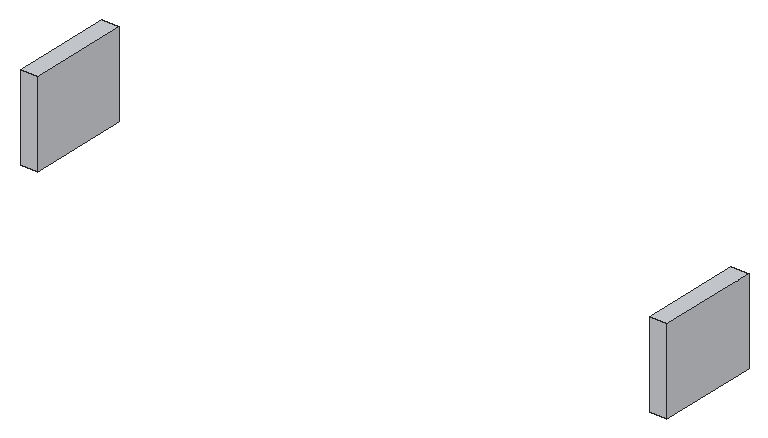
Revit family "ОВ_установка_default", category Оборудование, Revit 2022
Family settings
  Размер круглого соединителя = Использовать диаметр
  Классификация = Нет
  Тип детали = Нормальный
  На основе рабочей плоскости = Нет
  Всегда вертикально = Да
  При загрузке вырезать с полостями = Нет
  Сохранять ориентацию аннотаций = Нет
  Общий = Нет
  Точка принадлежности помещению = Нет
Parameters
  Отметка по умолчанию = 0 mm
  Выпуск_Длина [instance] = 100 mm
  Впуск_Ширина [instance] = 600 mm
  Выпуск_Ширина [instance] = 600 mm
  Выпуск_Отступ [instance] = 100 mm
  Выпуск_Высота [instance] = 500 mm
  Впуск_Снизу [instance] = no
  Впуск_Посередине [instance] = yes
  Впуск_Оступ [instance] = 100 mm
  Впуск_Длина [instance] = 100 mm
  Впуск_Высота [instance] = 500 mm
  Выпуск_Снизу [instance] = no
  Выпуск_Посередине [instance] = yes
  Выпуск_b [instance] = if(Выпуск_Посередине, (ADSK_Размер_Высота / 2) - (Выпуск_Высота / 2), if(Выпуск_Снизу, ADSK_Размер_Высота - Выпуск_Высота, 0 mm))  # 286.069 mm
  Впуск_b [instance] = if(Впуск_Посередине, (ADSK_Размер_Высота / 2) - (Впуск_Высота / 2), if(Впуск_Снизу, ADSK_Размер_Высота - Впуск_Высота, 0 mm))  # 286.069 mm
  Вложенное_оборудование_группирование [instance] = ""
  Вложенное_наполнение_группирование [instance] = ""
  ADSK_Этаж [instance] = ""
  ADSK_Размер_Ширина [instance] = 1360 mm
  ADSK_Размер_Длина [instance] = 3800 mm
  ADSK_Размер_Высота = 1072.138 mm
  ADSK_Примечание [instance] = ""
  ADSK_Предел огнестойкости = ""
  ADSK_Позиция [instance] = ""
  ADSK_Обозначение = ""
  ADSK_Наименование краткое = ""
  ADSK_Наименование = ""
  ADSK_Материал обозначение = ""
  ADSK_Материал наименование = ""
  ADSK_Масса = 0
  ADSK_Марка = ""
  ADSK_Количество [instance] = 1
  ADSK_Код изделия = ""
  ADSK_Зона = ""
  ADSK_Завод-изготовитель = ""
  ADSK_Единица измерения = ""
  ADSK_Группирование = ""
  ADSK_URL страницы изделия = ""
  ADSK_URL документации изделия = ""
Reference planes
  plane 1 "По центру (Вперед/Назад)": y = 0
  plane 2: z = 0
  plane 3 "По центру (Влево/Вправо)": x = 0
  plane 4: x = -1900
  plane 5: x = 1900
  plane 6: y = 680
  plane 7: y = -680
  plane 8: z = 1072.138
  plane 9: z = 786.069
  plane 10: z = 286.069
  plane 11: y = 300
  plane 12: y = -300
  plane 13: y = 300
  plane 14: y = -300
  plane 15: z = 0
  plane 16: z = 286.069
  plane 17 "Начало оборудования": x = -1800
  plane 18: x = 1800
  plane 19: z = 786.069
Dimensions and locks
  equal spacing: plane 6, plane 1 "По центру (Вперед/Назад)", plane 7
  "ADSK_Размер_Ширина": plane 6 to plane 7
  equal spacing: plane 4, plane 3 "По центру (Влево/Вправо)", plane 5
  "ADSK_Размер_Длина": plane 4 to plane 5
  "ADSK_Размер_Высота": level to plane 8
  "Выпуск_b": plane 9 to plane 8
  "Выпуск_Высота": plane 10 to plane 9
  equal spacing: plane 11, plane 1 "По центру (Вперед/Назад)", plane 12
  "Выпуск_Ширина": plane 11 to plane 12
  equal spacing: plane 13, plane 1 "По центру (Вперед/Назад)", plane 14
  "Впуск_Ширина": plane 13 to plane 14
  "Выпуск_Длина": plane 4 to plane 17 "Начало оборудования"
  "Впуск_Длина": plane 18 to plane 5
  "Впуск_b": plane 8 to plane 19
  "Впуск_Высота": plane 19 to plane 16
  aligned and locked: level to plane 2
  aligned and locked: plane 5 to nested 2
  aligned and locked: plane 9 to nested 2
  aligned and locked: nested 1 to plane 16
  aligned and locked: nested 1 to plane 4
Nested families
  nested 1: "Элементы установки" at (-1850, 0, 286.069), ADSK_Размер_Высота <- "Впуск_Высота", ADSK_Размер_Ширина <- "Впуск_Ширина", ADSK_Размер_Длина <- "Выпуск_Длина", type "Без УГО"
    with ADSK_Размер_Ширина 600 mm, ADSK_Размер_Длина 100 mm, ADSK_Размер_Высота 500 mm
  nested 2: "Элементы установки" at (1850, 0, 286.069), ADSK_Размер_Высота <- "Выпуск_Высота", ADSK_Размер_Ширина <- "Выпуск_Ширина", ADSK_Размер_Длина <- "Впуск_Длина", type "Без УГО"
    with ADSK_Размер_Ширина 600 mm, ADSK_Размер_Длина 100 mm, ADSK_Размер_Высота 500 mm
Definition of nested family "Элементы установки"
  Parameters (values of type "Воздухоохладитель")
    Фильтр = no
    Default Elevation = 0 mm
    Воздухоохладитель = yes
    Воздухонагреватель = no
    Вентилятор = no
    ADSK_Размер_Ширина [instance] = 500 mm
    ADSK_Размер_Длина [instance] = 920 mm
    ADSK_Размер_Высота [instance] = 800 mm
  Types (5, lengths in mm): name | Фильтр | Воздухоохладитель | Воздухонагреватель | Вентилятор
    Вентилятор | no | no | no | yes
    Фильтр | yes | no | no | no
    Без УГО | no | no | no | no
    Воздухонагреватель | no | no | yes | no
    Воздухоохладитель | no | yes | no | no
  Reference planes
    plane 1 "По центру (Вперед/Назад)": y = 0
    plane 2 "Снизу": z = 0
    plane 3 "По центру (Влево/Вправо)": x = 0
    plane 4 "Слева": x = -460
    plane 5 "Справа": x = 460
    plane 6 "Сзади": y = 250
    plane 7 "Спереди": y = -250
    plane 8 "Сверху": z = 800
  Forms (mm)
    Extrusion 1, solid
      sketch origin (0, 0, 0) x (1, 0, 0) y (0, 1, 0)
        loop
          line (-460, 250) -> (-460, -250) -> (460, -250) -> (460, 250) -> (-460, 250)
      from 0 to 800
  Dimensions and locks
    equal spacing: plane 4 "Слева", plane 3 "По центру (Влево/Вправо)", plane 5 "Справа"
    "ADSK_Размер_Длина": plane 4 "Слева" to plane 5 "Справа"
    equal spacing: plane 6 "Сзади", plane 1 "По центру (Вперед/Назад)", plane 7 "Спереди"
    "ADSK_Размер_Ширина": plane 6 "Сзади" to plane 7 "Спереди"
    "ADSK_Размер_Высота": level to plane 8 "Сверху"
    aligned and locked: level to plane 2 "Снизу"
    aligned and locked: Extrusion 1 sketch curve to plane 6 "Сзади"
    aligned and locked: plane 4 "Слева" to Extrusion 1 sketch curve
    aligned and locked: plane 7 "Спереди" to Extrusion 1 sketch curve
    aligned and locked: Extrusion 1 sketch curve to plane 5 "Справа"
    aligned and locked: plane 8 "Сверху" to Extrusion 1
    aligned and locked: plane 4 "Слева" to nested 1
    aligned and locked: plane 2 "Снизу" to nested 1
    aligned and locked: plane 4 "Слева" to nested 2
    aligned and locked: plane 7 "Спереди" to nested 2
    aligned and locked: plane 4 "Слева" to nested 3
    aligned and locked: nested 3 to plane 8 "Сверху"
    aligned and locked: nested 5 to Extrusion 1  (x2)
    aligned and locked: nested 6 to Extrusion 1  (x3)
    aligned and locked: nested 4 to Extrusion 1  (x2)
    aligned and locked: nested 8 to Extrusion 1  (x2)
    aligned and locked: nested 9 to Extrusion 1  (x2)
    aligned and locked: nested 7 to Extrusion 1  (x2)
  Nested families
    nested 1: "УГО_Вентилятор" at (0, -250, 400) x (1, 0, 0) z (0, -1, 0), ADSK_Размер_Высота <- "ADSK_Размер_Высота", ADSK_Размер_Длина <- "ADSK_Размер_Длина", Вентилятор <- "Вентилятор", Фильтр <- "Фильтр", type "УГО_Вентилятор"
      with Фильтр no, Воздухоохладитель no, Воздухонагреватель no, Вентилятор no, l 554.256 mm, i 512 mm, a 160 mm, ADSK_Размер_Длина 920 mm, ADSK_Размер_Диаметр 640 mm, ADSK_Размер_Высота 800 mm
    nested 2: "УГО_Вентилятор" at (0, 0, 800), ADSK_Размер_Высота <- "ADSK_Размер_Ширина", ADSK_Размер_Длина <- "ADSK_Размер_Длина", Вентилятор <- "Вентилятор", Фильтр <- "Фильтр", type "УГО_Вентилятор"
      with Фильтр no, Воздухоохладитель no, Воздухонагреватель no, Вентилятор no, l 346.41 mm, i 320 mm, a 100 mm, ADSK_Размер_Длина 920 mm, ADSK_Размер_Диаметр 400 mm, ADSK_Размер_Высота 500 mm
    nested 3: "УГО_Вентилятор" at (0, 250, 400) x (1, 0, 0) z (0, 1, 0), ADSK_Размер_Высота <- "ADSK_Размер_Высота", ADSK_Размер_Длина <- "ADSK_Размер_Длина", Вентилятор <- "Вентилятор", Фильтр <- "Фильтр", type "УГО_Вентилятор"
      with Фильтр no, Воздухоохладитель no, Воздухонагреватель no, Вентилятор no, l 554.256 mm, i 512 mm, a 160 mm, ADSK_Размер_Длина 920 mm, ADSK_Размер_Диаметр 640 mm, ADSK_Размер_Высота 800 mm
    nested 4: "УГО_Вентилятор" at (0, 250, 400) x (1, 0, 0) z (0, 1, 0), ADSK_Размер_Длина <- "ADSK_Размер_Длина", ADSK_Размер_Высота <- "ADSK_Размер_Высота", visible <- "Воздухонагреватель", type "Воздухонагреватель"
      with Фильтр no, Воздухоохладитель no, Воздухонагреватель yes, Вентилятор no, l 554.256 mm, i 512 mm, a 160 mm, ADSK_Размер_Длина 920 mm, ADSK_Размер_Диаметр 640 mm, ADSK_Размер_Высота 800 mm
    nested 5: "УГО_Вентилятор" at (0, -250, 400) x (-1, 0, 0) z (0, -1, 0), ADSK_Размер_Высота <- "ADSK_Размер_Высота", ADSK_Размер_Длина <- "ADSK_Размер_Длина", visible <- "Воздухонагреватель", type "Воздухонагреватель"
      with Фильтр no, Воздухоохладитель no, Воздухонагреватель yes, Вентилятор no, l 554.256 mm, i 512 mm, a 160 mm, ADSK_Размер_Длина 920 mm, ADSK_Размер_Диаметр 640 mm, ADSK_Размер_Высота 800 mm
    nested 6: "УГО_Вентилятор" at (0, 0, 800), ADSK_Размер_Длина <- "ADSK_Размер_Длина", ADSK_Размер_Высота <- "ADSK_Размер_Ширина", visible <- "Воздухонагреватель", type "Воздухонагреватель"
      with Фильтр no, Воздухоохладитель no, Воздухонагреватель yes, Вентилятор no, l 346.41 mm, i 320 mm, a 100 mm, ADSK_Размер_Длина 920 mm, ADSK_Размер_Диаметр 400 mm, ADSK_Размер_Высота 500 mm
    nested 7: "УГО_Вентилятор" at (0, -250, 400) x (-1, 0, 0) z (0, -1, 0), ADSK_Размер_Высота <- "ADSK_Размер_Высота", ADSK_Размер_Длина <- "ADSK_Размер_Длина", visible <- "Воздухоохладитель", type "Воздухоохладитель"
      with Фильтр no, Воздухоохладитель yes, Воздухонагреватель no, Вентилятор no, l 554.256 mm, i 512 mm, a 160 mm, ADSK_Размер_Длина 920 mm, ADSK_Размер_Диаметр 640 mm, ADSK_Размер_Высота 800 mm
    nested 8: "УГО_Вентилятор" at (0, 250, 400) x (1, 0, 0) z (0, 1, 0), ADSK_Размер_Высота <- "ADSK_Размер_Высота", ADSK_Размер_Длина <- "ADSK_Размер_Длина", visible <- "Воздухоохладитель", type "Воздухоохладитель"
      with Фильтр no, Воздухоохладитель yes, Воздухонагреватель no, Вентилятор no, l 554.256 mm, i 512 mm, a 160 mm, ADSK_Размер_Длина 920 mm, ADSK_Размер_Диаметр 640 mm, ADSK_Размер_Высота 800 mm
    nested 9: "УГО_Вентилятор" at (0, 0, 800), ADSK_Размер_Высота <- "ADSK_Размер_Ширина", ADSK_Размер_Длина <- "ADSK_Размер_Длина", visible <- "Воздухоохладитель", type "Воздухоохладитель"
      with Фильтр no, Воздухоохладитель yes, Воздухонагреватель no, Вентилятор no, l 346.41 mm, i 320 mm, a 100 mm, ADSK_Размер_Длина 920 mm, ADSK_Размер_Диаметр 400 mm, ADSK_Размер_Высота 500 mm
  Definition of nested family "УГО_Вентилятор"
    Parameters (values of type "Воздухонагреватель")
      Фильтр [instance] = no
      Default Elevation = 1219.2 mm
      Воздухоохладитель [instance] = no
      Воздухонагреватель [instance] = yes
      Вентилятор [instance] = no
      l [instance] = ADSK_Размер_Диаметр * cos(30.00°)  # 381.051 mm
      i [instance] = ADSK_Размер_Диаметр - ADSK_Размер_Диаметр / 100 * 20  # 352 mm
      a [instance] = ADSK_Размер_Диаметр / 4  # 110 mm
      ADSK_Размер_Длина [instance] = 1000 mm
      ADSK_Размер_Диаметр [instance] = if(ADSK_Размер_Длина > ADSK_Размер_Высота, ADSK_Размер_Высота * 0.8, ADSK_Размер_Длина * 0.8)  # 440 mm
      ADSK_Размер_Высота [instance] = 550 mm
    Types (5, lengths in mm): name | Фильтр | Воздухоохладитель | Воздухонагреватель | Вентилятор | l | i | a | ADSK_Размер_Диаметр | ADSK_Размер_Высота
      (no name) | no | no | yes | no | 692.82 | 640 | 200 | 800 | 1100
      Вентилятор | no | no | no | yes | 692.82 | 640 | 200 | 800 | 1100
      Фильтр | yes | no | no | no | 692.82 | 640 | 200 | 800 | 1100
      Воздухонагреватель | no | no | yes | no | 381.051 | 352 | 110 | 440 | 550
      Воздухоохладитель | no | yes | no | no | 692.82 | 640 | 200 | 800 | 1100
    Reference planes
      plane 1 "По центру (Вперед/Назад)": y = 0
      plane 2: z = 0
      plane 3 "По центру (Влево/Вправо)": x = 0
      plane 4: y = 275
      plane 5: y = -275
      plane 6: x = -500
      plane 7: x = 500
      plane 8: y = 137.5
      plane 9: y = -137.5
    Forms (mm)
      Extrusion 1, solid, visible <- "Вентилятор"
        sketch origin (0, 0, 0) x (1, 0, 0) y (0, 1, 0)
          loop
            line (220, 0) -> (-110, 190.526) -> (-110, -190.526) -> (220, 0)
        from 0 to 1
    Lines and regions (mm)
      model lines
        curve 1: line (-500, 275, 0) -> (500, 275, 0)
        curve 2: line (-500, -275, 0) -> (-500, 275, 0)
        curve 3: line (500, -275, 0) -> (-500, -275, 0)
        curve 4: line (500, 275, 0) -> (500, -275, 0)
      model lines, visible <- "Вентилятор"
        curve 5: circle (0, 0, 0) r 220 normal (0, 0, 1)
      model lines, visible <- "Фильтр"
        curve 6: line (500, 275, 0) -> (-500, 137.5, 0)
        curve 7: line (500, 0, 0) -> (-500, -137.5, 0)
        curve 8: line (500, -275, 0) -> (-500, -137.5, 0)
        curve 9: line (-500, 137.5, 0) -> (500, 0, 0)
      model lines, visible <- "Воздухонагреватель"
        curve 10: circle (0, 0, 0) r 220 normal (0, 0, 1)
        curve 11: line (0, 176, 0) -> (0, -176, 0)
        curve 12: line (-176, 0, 0) -> (176, 0, 0)
      model lines, visible <- "Воздухоохладитель"
        curve 13: circle (0, 0, 0) r 220 normal (0, 0, 1)
        curve 14: line (-176, 0, 0) -> (176, 0, 0)
    Dimensions and locks
      equal spacing: plane 4, plane 1 "По центру (Вперед/Назад)", plane 5
      "ADSK_Размер_Высота": plane 4 to plane 5
      equal spacing: plane 6, plane 3 "По центру (Влево/Вправо)", plane 7
      "ADSK_Размер_Длина": plane 6 to plane 7
      "a": Extrusion 1 sketch curve to plane 3 "По центру (Влево/Вправо)"
      "l": Extrusion 1 sketch curve to Extrusion 1 sketch curve
      equal spacing: plane 4, plane 8, plane 1 "По центру (Вперед/Назад)"
      equal spacing: plane 5, plane 9, plane 1 "По центру (Вперед/Назад)"
      equal spacing: curve 11, plane 1 "По центру (Вперед/Назад)", curve 11
      "i": curve 11 to curve 11
      equal spacing: curve 12, plane 3 "По центру (Влево/Вправо)", curve 12
      "i": curve 12 to curve 12
      equal spacing: curve 14, plane 3 "По центру (Влево/Вправо)", curve 14
      "i": curve 14 to curve 14
      "ADSK_Размер_Диаметр": diameter of curve 5
      "ADSK_Размер_Диаметр": diameter of curve 10
      "ADSK_Размер_Диаметр": diameter of curve 13
      locked: Extrusion 1 sketch curve to plane 1 "По центру (Вперед/Назад)" (angle 30.00°)
      locked: plane 1 "По центру (Вперед/Назад)" to Extrusion 1 sketch curve (angle 30.00°)
      aligned and locked: level to plane 2
      aligned and locked: curve 1 to plane 4
      aligned and locked: plane 5 to curve 3
      aligned and locked: plane 3 "По центру (Влево/Вправо)" to curve 5
      aligned and locked: plane 1 "По центру (Вперед/Назад)" to curve 5
      aligned and locked: plane 6 to curve 9
      aligned and locked: plane 8 to curve 9
      aligned and locked: plane 7 to curve 9
      aligned and locked: plane 1 "По центру (Вперед/Назад)" to curve 7
      aligned and locked: plane 6 to curve 8
      aligned and locked: plane 7 to curve 8
      aligned and locked: plane 3 "По центру (Влево/Вправо)" to curve 10
      aligned and locked: plane 1 "По центру (Вперед/Назад)" to curve 10
      aligned and locked: plane 3 "По центру (Влево/Вправо)" to curve 13
      aligned and locked: plane 1 "По центру (Вперед/Назад)" to curve 13
    Automatic sketch dimensions
      curve 11 to plane 3 "По центру (Влево/Вправо)" = 0 mm
      curve 7 to plane 9 = 0 mm
      plane 1 "По центру (Вперед/Назад)" to curve 12 = 0 mm
      plane 1 "По центру (Вперед/Назад)" to curve 14 = 0 mm
      curve 6 to plane 8 = 0 mm
      plane 1 "По центру (Вперед/Назад)" to Extrusion 1 sketch curve = 0 mm
